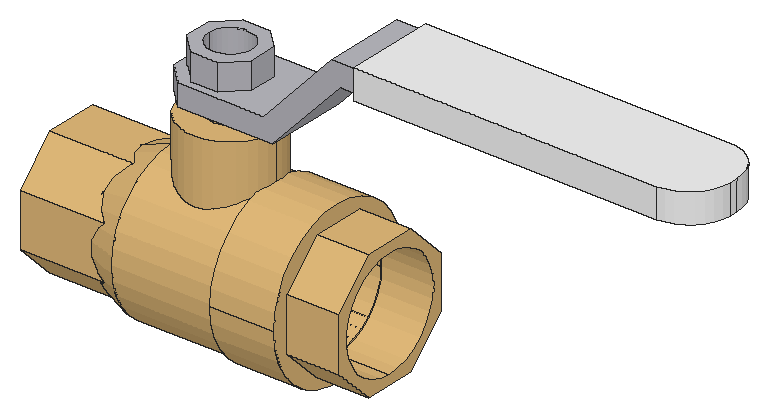
Revit family "X420-Ball-Valve", category Pipe Accessories, Revit 2018
Family settings
  Round Connector Dimension = Use Diameter
  Part Type = Valve - Breaks Into
  OmniClass Number = 23.60.30.11.14
  OmniClass Title = Pipework Fittings
  Work Plane-Based = No
  Always vertical = Yes
  Cut with Voids When Loaded = No
  Shared = No
Parameters
  Weight [instance] = size_lookup(LookupTable, "Weight", "NA", Nominal Diameter)  # "0.48 lbs."
  URL = "http://www.fnw.com"
  Standards Lookup Table = "Standards"  # constant formula
  Product ID [instance] = size_lookup(LookupTable, "ProductID", "NA", Nominal Diameter)  # "0"
  Pipe Diameter [instance] = size_lookup(Standards Lookup Table, "pipe_dia", 0", Nominal Diameter)  # 0.84"
  Part Number [instance] = size_lookup(LookupTable, "PartNumber", "NA", Nominal Diameter)  # "FNWX420D"
  PIpe Radius [instance] = Pipe Diameter / 2  # 0.42"
  NPT Insert [instance] = size_lookup(Standards Lookup Table, "NPT_insert", 0", Nominal Diameter)  # 0.5337"
  Manufacturer = "FNW"  # constant formula
  Description BOM [instance] = size_lookup(LookupTable, "Description_BOM", "NA", Nominal Diameter)  # "Lead Law Compliant 1/2 Brass 600# WOG Threaded 2PC Full Port BV"
  1_Z2 [instance] = size_lookup(LookupTable, "1_Z2", 0", Nominal Diameter)  # 0.1644"
  1_Z1 [instance] = size_lookup(LookupTable, "1_Z1", 0", Nominal Diameter)  # 0.5706"
  Z3 [instance] = size_lookup(LookupTable, "Z3", 0", Nominal Diameter)  # 13/64"
  Z2 [instance] = size_lookup(LookupTable, "Z2", 0", Nominal Diameter)  # 1.075"
  Z1 [instance] = size_lookup(LookupTable, "Z1", 0", Nominal Diameter)  # 0.95"
  1_Y1 [instance] = size_lookup(LookupTable, "1_Y1", 0", Nominal Diameter)  # 5/8"
  1_X4 [instance] = size_lookup(LookupTable, "1_X4", 0", Nominal Diameter)  # 5/16"
  1_X1 [instance] = size_lookup(LookupTable, "1_X1", 0", Nominal Diameter)  # 57/64"
  1_X3 [instance] = size_lookup(LookupTable, "1_X3", 0", Nominal Diameter)  # 3.86"
  X7 [instance] = size_lookup(LookupTable, "X7", 0", Nominal Diameter)  # 1.22"
  X5 [instance] = size_lookup(LookupTable, "X5", 0", Nominal Diameter)  # 0.40028"
  X4 [instance] = size_lookup(LookupTable, "X4", 0", Nominal Diameter)  # 0.488"
  X3 [instance] = size_lookup(LookupTable, "X3", 0", Nominal Diameter)  # 0.77402"
  X2 [instance] = size_lookup(LookupTable, "X2", 0", Nominal Diameter)  # 0.244"
  1_X2 [instance] = size_lookup(LookupTable, "1_X2", 0", Nominal Diameter)  # 57/128"
  X1 [instance] = size_lookup(LookupTable, "X1", 0", Nominal Diameter)  # 0.5337"
  Show Lever Clearance [instance] = no
  R3 [instance] = size_lookup(LookupTable, "R3", 0", Nominal Diameter)  # 0.6125"
  R2 [instance] = size_lookup(LookupTable, "R2", 0", Nominal Diameter)  # 0.588"
  R1_Diam [instance] = R1 * 2  # 0.98"
  R1 [instance] = size_lookup(LookupTable, "R1", 0", Nominal Diameter)  # 0.49"
  Nominal Radius [instance] = Nominal Diameter / 2  # 1/4"
  Nominal Diameter [instance] = 1/2"
  LookupTable = "X420-Ball-Valve"  # constant formula
  HexAngle1 [instance] = 135.00°
  D3 [instance] = size_lookup(LookupTable, "D3", 0", Nominal Diameter)  # 1/2"
  D2 [instance] = size_lookup(LookupTable, "D2", 0", Nominal Diameter)  # 5/16"
  D1 [instance] = size_lookup(LookupTable, "D1", 0", Nominal Diameter)  # 0.7125"
Reference planes (in)
  plane 1 "Center (Front/Back)": y = 0
  plane 2: z = 0
  plane 3 "Center (Left/Right)": x = 0
  plane 4 "X7 End": x = -1.22
  plane 5 "D1 Top": z = 0.95
  plane 6 "D2 Top": z = 1.075
  plane 7: x = -0.6863
  plane 8: x = -0.4423
  plane 9: x = 0.33173
  plane 10 "Face EXT": x = 0.81973
  plane 11: x = 1.22
  plane 12 "R3 Top": z = 0.6125
  plane 13 "R2 Top": z = 0.588
  plane 14 "R1 Top": z = 0.49
  plane 15: x = 1.14
  plane 16 "Pipe radius": z = 0.42
  plane 17 "NPT": x = -0.6863
  plane 18 "NPT 2": x = 0.6863
Forms (in)
  Extrusion 1, solid, material "Brass"
    sketch origin (0, 0, 0) x (1, 0, 0) y (0, 1, 0)
      loop
        circle (0, 0) r 0.15625
    from 0.95 to 1.075
  Revolve 2, solid, material "Brass"
    sketch origin (0, 0, 0) x (1, 0, 0) y (0, 0, 1)
      loop
        line (-0.6863, 0.49) -> (-0.6863, 0.42) -> (0.33173, 0.42) -> (0.33173, 0.588) -> (-0.4423, 0.588) -> (-0.6863, 0.49)
      axis (0.33173, 0) -> (-0.6863, 0)
    angle from 0 to 360
  Sweep 3, solid, material "Brass"
    path origin (0, 0, 0) x (1, 0, 0) y (0, 0, 1)
      loop
        line (-1.22, 0) -> (1.22, 0)
    profile origin (0, 0, 0) x (0, 0, 1) y (0, -1, 0)
      loop
        circle (0, 0) r 0.42
      loop
        line (0.20296, 0.49) -> (-0.20296, 0.49) -> (-0.49, 0.20296) -> (-0.49, -0.20296) -> (-0.20296, -0.49) -> (0.20296, -0.49) -> (0.49, -0.20296) -> (0.49, 0.20296) -> (0.20296, 0.49)
  Extrusion 4, solid, material "Brass"
    sketch origin (0, 0, 0) x (0, 1, 0) y (0, 0, 1)
      loop
        circle (0, 0) r 0.6125
      loop
        circle (0, 0) r 0.42
    from 0.33172 to 0.81973
  Extrusion 5, solid, material "Brass"
    sketch origin (0, 0, 0.42) x (-1, 0, 0) y (0, -1, 0)
      loop
        circle (0, 0) r 0.35625
    from 0 to 0.53
  Extrusion 6, solid, material "Brass", not visible
    sketch origin (-0.6863, 0, 0) x (0, 0, 1) y (0, -1, 0)
      loop
        circle (0, 0) r 0.25
    from 0 to 1.3726
Dimensions and locks (in)
  "X7": plane 4 "X7 End" to plane 3 "Center (Left/Right)"
  "Z1": plane 5 "D1 Top" to plane 2
  "Z2": plane 6 "D2 Top" to plane 2
  "X1": plane 4 "X7 End" to plane 7
  "X2": plane 8 to plane 7
  "X3": plane 9 to plane 8
  "X4": plane 10 "Face EXT" to plane 9
  "X5": plane 11 to plane 10 "Face EXT"
  "R3": plane 12 "R3 Top" to plane 2
  "R2": plane 13 "R2 Top" to plane 2
  "R1": plane 14 "R1 Top" to plane 2
  "PIpe Radius": Revolve 2 sketch curve to plane 2
  equal spacing: Sweep 3 sketch curve, plane 1 "Center (Front/Back)", Sweep 3 sketch curve  (x4)
  "R1_Diam": Sweep 3 sketch curve to Sweep 3 sketch curve  (x4)
  Sweep 3 to Sweep 3 = 0.98"  (x5)
  "R1_Diam": Sweep 3 to Sweep 3  (x4)
  "PIpe Radius": plane 16 "Pipe radius" to plane 2
  "NPT Insert": plane 4 "X7 End" to plane 17 "NPT"
  "NPT Insert": plane 11 to plane 18 "NPT 2"
  "D2": diameter of Extrusion 1 sketch curve
  "R3": radius of Extrusion 4 sketch curve
  "PIpe Radius": radius of Extrusion 4 sketch curve
  "PIpe Radius": radius of Sweep 3 sketch curve
  radius of Sweep 3 sketch curve = 0.42"
  "D1": diameter of Extrusion 5 sketch curve
  "Nominal Radius": radius of Extrusion 6 sketch curve
  angle Sweep 3 sketch curve to Sweep 3 sketch curve = 135.00°  (x6)
  angle Sweep 3 to Sweep 3 = 135.00°  (x6)
  aligned and locked: plane 2 to level
  aligned and locked: Extrusion 1 to plane 5 "D1 Top"
  aligned and locked: plane 6 "D2 Top" to Extrusion 1
  aligned and locked: Revolve 2 sketch curve to plane 13 "R2 Top"
  aligned and locked: plane 7 to Revolve 2 sketch curve
  aligned and locked: Extrusion 4 to plane 9
  aligned and locked: plane 10 "Face EXT" to Extrusion 4
  aligned and locked: Sweep 3 sketch curve to level
  aligned and locked: plane 5 "D1 Top" to Extrusion 5
  aligned and locked: plane 18 "NPT 2" to Extrusion 6
Automatic sketch dimensions
  plane 4 "X7 End" to Sweep 3 sketch curve = 0"
  Sweep 3 sketch curve to plane 11 = 0"
  plane 1 "Center (Front/Back)" to Extrusion 1 sketch curve = 0"
  Extrusion 1 sketch curve to plane 3 "Center (Left/Right)" = 0"
  Revolve 2 sketch curve to level = 0"
  Revolve 2 sketch curve to plane 8 = 0"
  Revolve 2 sketch curve to plane 9 = 0"
  Revolve 2 sketch curve to plane 14 "R1 Top" = 0"
  plane 4 "X7 End" to Revolve 2 sketch curve = 1.81248"
  plane 11 to Revolve 2 sketch curve = 4.72422"
  Sweep 3 sketch curve to plane 1 "Center (Front/Back)" = 0"
  profile plane to Sweep 3 sketch curve = 0"
  Extrusion 4 sketch curve to Extrusion 4 sketch curve = 0"  (x2)
  Extrusion 4 sketch curve to level = 0"
  Extrusion 4 sketch curve to plane 1 "Center (Front/Back)" = 0"
  plane 1 "Center (Front/Back)" to Extrusion 5 sketch curve = 0"
  Extrusion 5 sketch curve to plane 3 "Center (Left/Right)" = 0"
  Extrusion 6 sketch curve to level = 0"
  Extrusion 6 sketch curve to plane 1 "Center (Front/Back)" = 0"
Nested families (in)
  nested 1: "Nested Lever White" at (0, 0, 1.075), D3 <- "D3", 1_X1 <- "1_X1", 1_X2 <- "1_X2", 1_X3 <- "1_X3", 1_X4 <- "1_X4", 1_Y1 <- "1_Y1", 1_Z1 <- "1_Z1", 1_Z2 <- "1_Z2", Show Lever Clearance <- "Show Lever Clearance", Z3 <- "Z3", type "Nested Lever White"
    with Z3 13/64", Void_Outer_Radius 3/8", Void_Outer 3/4", Show Lever Clearance no, Grip_L3 0.2269", Grip_L2 0.19565", Grip_L1 1/32", D3_Half 0.16667", D3 1/2", Clearance Hieght 6", Angle Hex Head 135.00°, 1_Z2 0.1644", 1_Z1 0.5706", 1_Y1_Half 5/16", 1_Y1 5/8", 1_X4 5/16", 1_X3_and_1__Y1_Half 4.1725", 1_X3 3.86", 1_X2 57/128", 1_X1 57/64"
Connectors (in)
  piping at (-0.6863, 0, 0), diameter 0.5, driven by "Nominal Diameter"
    settings: on Extrusion 6, index 1, connector inside diameter 24", connector length 0", flow factor 0, pipe flow 0 GPM, pressure drop 0.00 psi, fitting loss kfactor 0, connector angle 0.00°, fixture units 0, engagement length 0", angle of deflection 0.00°, flow configuration 0, flow direction 0, fitting loss method 0, system type 7, joint type 0, gender type 0, connector reference index 2, connector utility 0, adjustable connector no, is connector primary yes, connector description ""
  piping at (0.6863, 0, 0), diameter 0.5, driven by "Nominal Diameter"
    settings: on Extrusion 6, index 2, connector inside diameter 24", connector length 0", flow factor 0, pipe flow 0 GPM, pressure drop 0.00 psi, fitting loss kfactor 0, connector angle 0.00°, fixture units 0, engagement length 0", angle of deflection 0.00°, flow configuration 0, flow direction 0, fitting loss method 0, system type 7, joint type 0, gender type 0, connector reference index 1, connector utility 0, adjustable connector no, is connector primary no, connector description ""
Definition of nested family "Nested Lever White"
  Parameters (values of type "Nested Lever White")
    Z3 [instance] = 1/8"
    Angle 2 = 45.00°
    1_Z2 [instance] = 1/8"
    1_Z1 [instance] = 1 1/4"
    1_Y1_Half [instance] = [1_Y1] / 2  # 1"
    1_Y1 [instance] = 2"
    1_X1 [instance] = 2 1/2"
    1_X3_and_1__Y1_Half [instance] = [1_X3] + [1_Y1_Half]  # 13.66198"
    1_X3 [instance] = 12.66198"
    1_X2 [instance] = 1 1/2"
    Void_Outer_Radius [instance] = Void_Outer / 2  # 1 1/16"
    Void_Outer [instance] = [1_Y1] + Grip_L1 * 4  # 2 1/8"
    Show Lever Clearance [instance] = yes
    Grip_L3 [instance] = Grip_L1 + Grip_L2  # 3/16"
    Grip_L1 [instance] = 1/32"  # constant formula
    Grip_L2 [instance] = [1_Z2] + Grip_L1  # 5/32"
    Default Elevation = 48"
    D3_Half [instance] = D3 / 3  # 0.23251"
    D3 [instance] = 0.69752"
    Clearance Hieght [instance] = 6"  # constant formula
    Angle Hex Head [instance] = 135.00°
    1_X4 [instance] = 0"
  Reference planes (in)
    plane 1 "Center (Front/Back)": y = 0
    plane 2: z = 0
    plane 3 "Center (Left/Right)": x = 0
    plane 4: z = 0.125
    plane 5: x = -1
    plane 6: x = 12.66198
    plane 7: y = 1
    plane 8: y = -1
    plane 9: x = 1.5
    plane 10: x = 3
    plane 11: z = 1.375
    plane 12: z = 1.25
    plane 13: z = 0.25
    plane 14: z = 1.40625
    plane 15: z = 1.21875
    plane 16: x = 3.15625
    plane 17: y = 1.03125
    plane 18: y = -1.03125
  Forms (in)
    Extrusion 1, solid
      sketch origin (0, 0, 0) x (1, 0, 0) y (0, 1, 0)
        loop
          line (-48, 48) -> (-48, -48) -> (48, -48) -> (48, 48) -> (-48, 48)
      from 0 to -12
    Extrusion 2, solid
      sketch origin (0, 0, 0) x (1, 0, 0) y (0, 0, 1)
        loop
          line (1.30132, 0) -> (1.5, 0) -> (3.04425, 1.25) -> (4.15625, 1.25) -> (4.15625, 1.375) -> (3, 1.375) -> (1.30132, 0)
      from -1 to 1
    Extrusion 3, solid
      sketch origin (0, 0, 0) x (1, 0, 0) y (0, 1, 0)
        loop
          line (0.34876, 0.14446) -> (0.14446, 0.34876) -> (-0.14446, 0.34876) -> (-0.34876, 0.14446) -> (-0.34876, -0.14446) -> (-0.14446, -0.34876) -> (0.14446, -0.34876) -> (0.34876, -0.14446) -> (0.34876, 0.14446)
        loop
          circle (0, 0) r 0.23251
      from 0.125 to 0.25
    Extrusion 4, solid
      sketch origin (0, 0, 0) x (1, 0, 0) y (0, 1, 0)
        loop
          line (11.66198, 1.03125) -> (3.15625, 1.03125) -> (3.15625, -1.03125) -> (11.66198, -1.03125)
          arc (11.66198, -1.03125) -> (12.36908, -0.73836) -> (12.66198, -0.03125) r 1
          line (12.66198, -0.03125) -> (12.66198, 0.03125)
          arc (12.66198, 0.03125) -> (12.36908, 0.73836) -> (11.66198, 1.03125) r 1
      from 1.21875 to 1.40625
    Extrusion 5, solid, visible <- "Show Lever Clearance"
      sketch origin (0, 0, 0) x (1, 0, 0) y (0, 1, 0)
        loop
          line (-1, 1) -> (-1, -12.66198)
          arc (-1, -12.66198) -> (8.66048, -8.66048) -> (12.66198, 1) r 13.66198
          line (12.66198, 1) -> (-1, 1)
      from 0 to 6 <- "Clearance Hieght"
    Extrusion 6, solid
      sketch origin (0, 0, 0) x (1, 0, 0) y (0, 1, 0)
        loop
          line (1.5, -1) -> (1.5, 1) -> (-0.5, 1) -> (-1, 0.5) -> (-1, -0.5) -> (-0.5, -1) -> (1.5, -1)
      from 0 to 0.125
  Cuts and joins
    joined: Extrusion 2, Extrusion 6
  Lines and regions (in)
    reference lines
      curve 1: line (0, 0, 3.375) -> (0, 0, -1.625)
  Dimensions and locks (in)
    "1_Z2": plane 4 to plane 2
    "1_Y1_Half": plane 3 "Center (Left/Right)" to plane 5
    "1_X3": plane 6 to plane 3 "Center (Left/Right)"
    equal spacing: plane 7, plane 1 "Center (Front/Back)", plane 8
    "1_Y1": plane 7 to plane 8
    "1_X1": plane 9 to plane 5
    "1_X2": plane 10 to plane 9
    "1_Z1": plane 11 to plane 4
    "1_Z2": plane 11 to plane 12
    equal spacing: Extrusion 3 sketch curve, curve 1, Extrusion 3 sketch curve  (x4)
    "D3": Extrusion 3 sketch curve to Extrusion 3 sketch curve  (x4)
    "Z3": plane 13 to plane 4
    "Grip_L1": plane 14 to plane 11
    "Grip_L2": plane 11 to plane 15
    "Grip_L2": plane 16 to plane 10
    "Grip_L1": plane 8 to plane 18
    "Grip_L1": plane 17 to plane 7
    "1_Y1_Half": plane 16 to Extrusion 2
    "1_X3_and_1__Y1_Half": Extrusion 5 sketch curve to Extrusion 5 sketch curve  (x2)
    equal spacing: Extrusion 6 sketch curve, plane 1 "Center (Front/Back)", Extrusion 6 sketch curve
    "1_Y1_Half": Extrusion 6 sketch curve to Extrusion 6 sketch curve
    "1_Z2": Extrusion 2 sketch curve to Extrusion 2 sketch curve
    "D3_Half": radius of Extrusion 3 sketch curve
    "1_Y1_Half": radius of Extrusion 4 sketch curve  (x2)
    "1_X3_and_1__Y1_Half": radius of Extrusion 5 sketch curve
    "Angle Hex Head": angle Extrusion 3 sketch curve to Extrusion 3 sketch curve  (x6)
    "Angle 2": angle plane 5 to Extrusion 6 sketch curve
    "Angle 2": angle Extrusion 6 sketch curve to plane 5
    aligned and locked: plane 2 to Extrusion 1
    aligned and locked: level to Extrusion 1
    aligned and locked: plane 10 to Extrusion 2 sketch curve
    aligned and locked: plane 12 to Extrusion 2 sketch curve
    aligned and locked: plane 11 to Extrusion 2 sketch curve
    aligned and locked: curve 1 to plane 3 "Center (Left/Right)"
    aligned and locked: plane 4 to Extrusion 3
    aligned and locked: Extrusion 3 to plane 13
    aligned and locked: Extrusion 4 sketch curve to plane 16
    aligned and locked: Extrusion 4 sketch curve to plane 18
    aligned and locked: plane 17 to Extrusion 4 sketch curve
    aligned and locked: Extrusion 4 to plane 15
    aligned and locked: Extrusion 4 to plane 14
    aligned and locked: Extrusion 2 to plane 8
    aligned and locked: plane 7 to Extrusion 2
    aligned and locked: plane 9 to Extrusion 6 sketch curve
    aligned and locked: Extrusion 6 sketch curve to plane 5
    aligned and locked: Extrusion 6 to plane 4
  Automatic sketch dimensions
    Extrusion 1 sketch curve to Extrusion 1 sketch curve = 96"  (x2)
    curve 1 to level = 1 5/8"
    curve 1 to plane 11 = 2"
    Extrusion 2 sketch curve to level = 0"
    Extrusion 2 sketch curve to plane 9 = 0"
    plane 16 to Extrusion 2 sketch curve = 1"
    plane 1 "Center (Front/Back)" to Extrusion 3 sketch curve = 0"
    Extrusion 3 sketch curve to plane 3 "Center (Left/Right)" = 0"
    Extrusion 4 sketch curve to plane 6 = 0"
    Extrusion 5 sketch curve to plane 5 = 0"
    Extrusion 5 sketch curve to plane 7 = 0"
    Extrusion 6 sketch curve to plane 8 = 0"
    Extrusion 6 sketch curve to plane 7 = 0"
